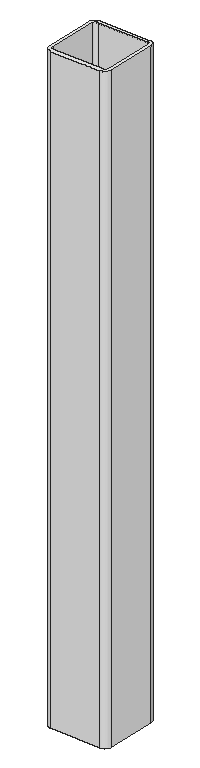
Revit family "CISC Tube Shapes-Column", category 구조 기둥, Revit 2026
Family settings
  단면 모양 = 정의되지 않음
  모델 동작 재료 = 스틸
  항상 형상으로 내보내기 = 아니오
  평면의 보 전환 = 경계 상자에서
  로드될 때 보이드를 사용하여 절단 = 아니오
  기호 표현 = 프로젝트 설정에서
  공유 = 아니오
  평면도에서 미리 절단된 패밀리 표시 = 예
Parameters (values of type "HSS254X254X13")
  Assembly Code = ""
  Structural Material [instance] = Metal - Steel - 345 MPa
  A = 0.012 m²
  Ht = 254 mm
  W = 0.91202
  Shape = "Square"
  b = 254 mm
  kr = 2 * t  # 25.4 mm
  t = 12.7 mm
Reference planes
  plane 1 "Center (Front/Back)": y = 0
  plane 2: z = 0
  plane 3 "Center (Left/Right)": x = 0
  plane 4: x = -127
  plane 5: x = 127
  plane 6: y = 127
  plane 7: y = -127
  plane 8: x = -101.6
  plane 9: y = -101.6
  plane 10: y = 101.6
  plane 11: x = 101.6
Forms (mm)
  Extrusion 1, solid, material "Metal - Steel - 345 MPa" <- "Structural Material", detail levels medium
    sketch origin (0, 0, 0) x (1, 0, 0) y (0, 1, 0)
      loop
        line (-127, 127) -> (-127, -127) -> (127, -127) -> (127, 127) -> (-127, 127)
      loop
        line (-114.3, 114.3) -> (-114.3, -114.3) -> (114.3, -114.3) -> (114.3, 114.3) -> (-114.3, 114.3)
    from 0 to 2500
  Extrusion 2, solid, material "Metal - Steel - 345 MPa" <- "Structural Material", detail levels fine
    sketch origin (0, 0, 0) x (1, 0, 0) y (0, 1, 0)
      loop
        arc (-101.6, 127) -> (-119.561, 119.561) -> (-127, 101.6) r 25.4
        line (-127, 101.6) -> (-127, -101.6)
        arc (-127, -101.6) -> (-119.561, -119.561) -> (-101.6, -127) r 25.4
        line (-101.6, -127) -> (101.6, -127)
        arc (101.6, -127) -> (119.561, -119.561) -> (127, -101.6) r 25.4
        line (127, -101.6) -> (127, 101.6)
        arc (127, 101.6) -> (119.561, 119.561) -> (101.6, 127) r 25.4
        line (101.6, 127) -> (-101.6, 127)
      loop
        arc (-101.6, 114.3) -> (-110.58, 110.58) -> (-114.3, 101.6) r 12.7
        line (-114.3, 101.6) -> (-114.3, -101.6)
        arc (-114.3, -101.6) -> (-110.58, -110.58) -> (-101.6, -114.3) r 12.7
        line (-101.6, -114.3) -> (101.6, -114.3)
        arc (101.6, -114.3) -> (110.58, -110.58) -> (114.3, -101.6) r 12.7
        line (114.3, -101.6) -> (114.3, 101.6)
        arc (114.3, 101.6) -> (110.58, 110.58) -> (101.6, 114.3) r 12.7
        line (101.6, 114.3) -> (-101.6, 114.3)
    from 0 to 2500
Lines and regions (mm)
  symbolic lines, style "StructuralColumnStickSymbols", detail levels coarse
    curve 1: line (-127, 127, 0) -> (127, 127, 0)
    curve 2: line (-127, -127, 0) -> (127, -127, 0)
    curve 5: line (-127, 127, 0) -> (-127, -127, 0)
    curve 6: line (127, 127, 0) -> (127, -127, 0)
  symbolic lines, style "Hidden Faces", detail levels medium+fine
    curve 3: line (-114.3, 0, 0) -> (-114.3, 0, 2500)
    curve 4: line (114.3, 0, 2500) -> (114.3, 0, 0)
Dimensions and locks
  equal spacing: plane 4, plane 3 "Center (Left/Right)", plane 5
  equal spacing: plane 7, plane 1 "Center (Front/Back)", plane 6
  "Ht": plane 7 to plane 6
  "b": plane 4 to plane 5
  "t": Extrusion 1 sketch curve to plane 5
  "t": plane 4 to Extrusion 1 sketch curve
  "t": Extrusion 1 sketch curve to plane 6
  "t": Extrusion 1 sketch curve to plane 7
  "t": Extrusion 2 sketch curve to plane 6
  "t": Extrusion 2 sketch curve to plane 5
  "t": plane 4 to Extrusion 2 sketch curve
  "t": Extrusion 2 sketch curve to plane 7
  "kr": plane 10 to plane 6
  "kr": plane 7 to plane 9
  "kr": plane 11 to plane 5
  "kr": plane 4 to plane 8
  aligned and locked: plane 6 to Extrusion 1 sketch curve
  aligned and locked: Extrusion 1 sketch curve to plane 7
  aligned and locked: Extrusion 1 sketch curve to plane 4
  aligned and locked: plane 5 to Extrusion 1 sketch curve
  aligned and locked: level to Extrusion 1
  aligned and locked: level to plane 2
  aligned and locked: Extrusion 1 to plane 2
  aligned and locked: curve 1 to Extrusion 2 sketch curve
  aligned and locked: Extrusion 2 sketch curve to Extrusion 1
  aligned and locked: level to Extrusion 2
  aligned and locked: curve 4 to Extrusion 2
  aligned and locked: curve 3 to Extrusion 2
Automatic sketch dimensions
  Extrusion 2 sketch curve to plane 8 = 0 mm  (x4)
  Extrusion 2 sketch curve to plane 7 = 0 mm
  Extrusion 2 sketch curve to plane 11 = 0 mm
  Extrusion 2 sketch curve to plane 10 = 0 mm  (x2)
  Extrusion 2 sketch curve to plane 9 = 0 mm  (x2)
  curve 3 to level = 0 mm  (x2)
  curve 4 to level = 0 mm  (x2)
  curve 5 to plane 4 = 0 mm
  curve 2 to plane 5 = 0 mm
  curve 5 to plane 7 = 0 mm
  curve 5 to plane 6 = 0 mm
